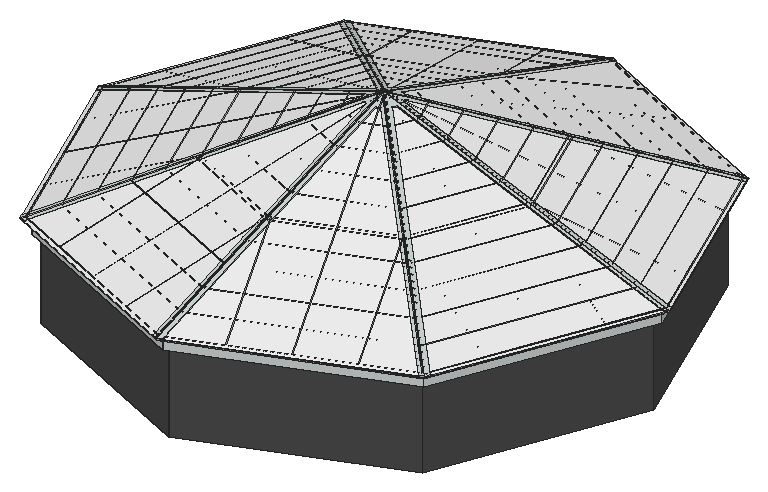
Revit family "Straight Rafter Circular Skylight", category Generic Models, host Roof, Revit 2018 (continued)
Definition of nested family "Straight Rafter Circular Comp Ring Array"
  Definition of nested family "Straight Rafter Circular Comp Ring"
    Dimensions and locks (in)
      "Miter Angle": angle curve 2 to plane 1 "Center (Front/Back)"
      "Miter Angle": angle plane 1 "Center (Front/Back)" to curve 1
      aligned and locked: plane 2 to level
      aligned and locked: Extrusion 1 sketch curve to curve 2
      aligned and locked: Extrusion 1 sketch curve to curve 1
      aligned and locked: Extrusion 1 sketch curve to plane 4
      aligned and locked: Extrusion 1 to plane 2
      aligned and locked: plane 6 to Extrusion 1
    Automatic sketch dimensions
      curve 2 to plane 3 "Center (Left/Right)" = 0' - 0"
      plane 1 "Center (Front/Back)" to curve 1 = 0' - 0"
Definition of nested family "Straight Rafter Circular Curb"
  Parameters (values of type "Straight Rafter Circular Curb")
    OCD [instance] = 20' - 10"
    Interior Curb Material [instance] = none
    Half Angle X [instance] = Angle X / 2  # 11.25°
    Exterior Curb Material [instance] = none
    Curb Width [instance] = 1' - 6"
    Curb Offset [instance] = (((OCD / 2) * cos(Half Angle X)))  # 10' - 2.59816"
    Curb Height [instance] = 2' - 0"
    Angle X [instance] = 22.50°
  Reference planes (in)
    plane 1 "Center (Front/Back)": y = 0
    plane 2: z = 0
    plane 3 "Center (Left/Right)": x = 0
    plane 4: y = -104.59816
    plane 5: y = -122.59816
    plane 6: z = 24
  Forms (in)
    Extrusion 1, solid
      sketch origin (0, 0, 0) x (1, 0, 0) y (0, 1, 0)
        loop
          line (-24.38629, -122.59816) -> (24.38629, -122.59816) -> (20.80587, -104.59816) -> (-20.80587, -104.59816) -> (-24.38629, -122.59816)
      from 0 to 24
  Lines and regions (in)
    reference lines
      curve 1: line (-58.5271, -294.23558, 0) -> (0, 0, 0)
      curve 2: line (67.89143, -341.31328, 0) -> (0, 0, 0)
  Dimensions and locks (in)
    "Curb Width": plane 4 to plane 5
    "Curb Height": plane 6 to plane 2
    "Curb Offset": plane 1 "Center (Front/Back)" to plane 5
    locked: curve 1 to plane 3 "Center (Left/Right)"
    locked: curve 1 to plane 1 "Center (Front/Back)" at 0
    "Half Angle X": angle curve 1 to plane 3 "Center (Left/Right)"
    "Half Angle X": angle plane 3 "Center (Left/Right)" to curve 2
    aligned and locked: plane 2 to level
    aligned and locked: plane 5 to Extrusion 1 sketch curve
    aligned and locked: Extrusion 1 sketch curve to curve 2
    aligned and locked: curve 1 to Extrusion 1 sketch curve
    aligned and locked: plane 2 to Extrusion 1
    aligned and locked: Extrusion 1 to plane 6
    aligned and locked: Extrusion 1 sketch curve to plane 4
Definition of nested family "Straight Rafter Circular Beam"
  Parameters (values of type "Straight Rafter Circular Beam")
    Hip Pitch [instance] = 15.00°
    Flat Rafter Length [instance] = 8' - 4"
    Cope Height [instance] = 0' - 6 1/2"
    Comp Ring Width [instance] = 2' - 6"
    CRF [instance] = none
    Beam Width [instance] = 0' - 5"
    Beam Height [instance] = 0' - 10"
  Reference planes (in)
    plane 1 "Center (Front/Back)": y = 0
    plane 2: z = 0
    plane 3 "Center (Left/Right)": x = 0
    plane 4: x = 2.5
    plane 5: x = -2.5
    plane 6: z = 6.5
    plane 7: y = -115
    plane 8: y = -15
    plane 9: y = 15
  Forms (in)
    Extrusion 1, solid, material <- "CRF"
      sketch origin (0, 0, 0) x (0, 1, 0) y (0, 0, 1)
        loop
          line (-15, 33.29492) -> (-115, 6.5) -> (-115, 0) -> (-100.6213, 0) -> (-15, 22.94216) -> (-15, 33.29492)
      from -2.5 to 2.5
  Lines and regions (in)
    reference lines
      curve 1: line (0, -115, 6.5) -> (0, 134.20886, 73.27531)
      curve 2: line (0, 96.44269, 52.80314) -> (0, -148.03858, -12.70542)
  Dimensions and locks (in)
    equal spacing: plane 5, plane 3 "Center (Left/Right)", plane 4
    "Beam Width": plane 5 to plane 4
    "Cope Height": plane 6 to plane 2
    "Beam Height": curve 2 to curve 1
    "Flat Rafter Length": plane 8 to plane 7
    equal spacing: plane 9, plane 1 "Center (Front/Back)", plane 8
    "Comp Ring Width": plane 9 to plane 8
    "Hip Pitch": angle curve 1 to plane 6
    aligned and locked: plane 2 to level
    aligned and locked: Extrusion 1 sketch curve to curve 1
    aligned and locked: Extrusion 1 sketch curve to curve 2
    aligned and locked: Extrusion 1 sketch curve to plane 2
    aligned and locked: plane 7 to Extrusion 1 sketch curve
    aligned and locked: Extrusion 1 to plane 5
    aligned and locked: Extrusion 1 to plane 4
    aligned and locked: Extrusion 1 sketch curve to plane 8
  Automatic sketch dimensions
    curve 1 to plane 6 = 0' - 0"
    curve 1 to plane 7 = 0' - 0"
    curve 2 to plane 7 = 2' - 9.03858"
    curve 2 to curve 1 = 3' - 1.76617"
Definition of nested family "Straight Rafter Circular Beam Array"
  Parameters (values of type "Straight Rafter Circular Beam Array")
    Number Of Sides [instance] = 3
    New Angle X [instance] = 0.00°
    Hip Pitch [instance] = 20.00°
    Flat Rafter Length [instance] = 10' - 0"
    Cope Height [instance] = 0' - 6"
    Comp Ring Width [instance] = 2' - 0"
    CRF [instance] = none
    Beam Width [instance] = 0' - 5"
    Beam Height [instance] = 0' - 10"
    Angle X [instance] = 0.00°
  Reference planes (in)
    plane 1 "Center (Front/Back)": y = 0
    plane 2: z = 0
    plane 3 "Center (Left/Right)": x = 0
  Dimensions and locks (in)
    "New Angle X": angle radial array to radial array
    aligned and locked: plane 2 to level
    aligned and locked: plane 1 "Center (Front/Back)" to nested 1
    aligned and locked: plane 3 "Center (Left/Right)" to nested 1
  Nested families (in)
    nested 1: "Straight Rafter Circular Beam" at (0, 0, 0), Hip Pitch <- "Hip Pitch", Flat Rafter Length <- "Flat Rafter Length", Cope Height <- "Cope Height", Beam Width <- "Beam Width", Beam Height <- "Beam Height", CRF <- "CRF", Comp Ring Width <- "Comp Ring Width", type "Straight Rafter Circular Beam"
      with Hip Pitch 20.00°, Flat Rafter Length 10' - 0", Cope Height 0' - 6", Comp Ring Width 2' - 0", CRF none, Beam Width 0' - 5", Beam Height 0' - 10"
    nested 2: "Straight Rafter Circular Beam" at (0, 0, 0) x (-0.5, -0.866, 0) z (0, 0, 1), Hip Pitch <- "Hip Pitch", Flat Rafter Length <- "Flat Rafter Length", Cope Height <- "Cope Height", Beam Width <- "Beam Width", Beam Height <- "Beam Height", CRF <- "CRF", Comp Ring Width <- "Comp Ring Width", type "Straight Rafter Circular Beam"
      with Hip Pitch 20.00°, Flat Rafter Length 10' - 0", Cope Height 0' - 6", Comp Ring Width 2' - 0", CRF none, Beam Width 0' - 5", Beam Height 0' - 10"
    nested 3: "Straight Rafter Circular Beam" at (0, 0, 0) x (-0.5, 0.866, 0) z (0, 0, 1), Hip Pitch <- "Hip Pitch", Flat Rafter Length <- "Flat Rafter Length", Cope Height <- "Cope Height", Beam Width <- "Beam Width", Beam Height <- "Beam Height", CRF <- "CRF", Comp Ring Width <- "Comp Ring Width", type "Straight Rafter Circular Beam"
      with Hip Pitch 20.00°, Flat Rafter Length 10' - 0", Cope Height 0' - 6", Comp Ring Width 2' - 0", CRF none, Beam Width 0' - 5", Beam Height 0' - 10"
  Definition of nested family "Straight Rafter Circular Beam"
    Parameters (values of type "Straight Rafter Circular Beam")
      Hip Pitch [instance] = 15.00°
      Flat Rafter Length [instance] = 8' - 4"
      Cope Height [instance] = 0' - 6 1/2"
      Comp Ring Width [instance] = 2' - 6"
      CRF [instance] = none
      Beam Width [instance] = 0' - 5"
      Beam Height [instance] = 0' - 10"
    Reference planes (in)
      plane 1 "Center (Front/Back)": y = 0
      plane 2: z = 0
      plane 3 "Center (Left/Right)": x = 0
      plane 4: x = 2.5
      plane 5: x = -2.5
      plane 6: z = 6.5
      plane 7: y = -115
      plane 8: y = -15
      plane 9: y = 15
    Forms (in)
      Extrusion 1, solid, material <- "CRF"
        sketch origin (0, 0, 0) x (0, 1, 0) y (0, 0, 1)
          loop
            line (-15, 33.29492) -> (-115, 6.5) -> (-115, 0) -> (-100.6213, 0) -> (-15, 22.94216) -> (-15, 33.29492)
        from -2.5 to 2.5
    Lines and regions (in)
      reference lines
        curve 1: line (0, -115, 6.5) -> (0, 134.20886, 73.27531)
        curve 2: line (0, 96.44269, 52.80314) -> (0, -148.03858, -12.70542)
    Dimensions and locks (in)
      equal spacing: plane 5, plane 3 "Center (Left/Right)", plane 4
      "Beam Width": plane 5 to plane 4
      "Cope Height": plane 6 to plane 2
      "Beam Height": curve 2 to curve 1
      "Flat Rafter Length": plane 8 to plane 7
      equal spacing: plane 9, plane 1 "Center (Front/Back)", plane 8
      "Comp Ring Width": plane 9 to plane 8
      "Hip Pitch": angle curve 1 to plane 6
      aligned and locked: plane 2 to level
      aligned and locked: Extrusion 1 sketch curve to curve 1
      aligned and locked: Extrusion 1 sketch curve to curve 2
      aligned and locked: Extrusion 1 sketch curve to plane 2
      aligned and locked: plane 7 to Extrusion 1 sketch curve
      aligned and locked: Extrusion 1 to plane 5
      aligned and locked: Extrusion 1 to plane 4
      aligned and locked: Extrusion 1 sketch curve to plane 8
    Automatic sketch dimensions
      curve 1 to plane 6 = 0' - 0"
      curve 1 to plane 7 = 0' - 0"
      curve 2 to plane 7 = 2' - 9.03858"
      curve 2 to curve 1 = 3' - 1.76617"
Definition of nested family "Straight Rafter Circular Curb Array"
  Parameters (values of type "Straight Rafter Circular Curb Array")
    OCD [instance] = 30' - 0"
    Number Of Sides [instance] = 10
    New Angle X [instance] = 0.00°
    Interior Curb Material [instance] = none
    Exterior Curb Material [instance] = none
    Curb Width [instance] = 1' - 4"
    Curb Height [instance] = 2' - 0"
    Angle X [instance] = 36.00°
  Reference planes (in)
    plane 1 "Center (Front/Back)": y = 0
    plane 2: z = 0
    plane 3 "Center (Left/Right)": x = 0
  Dimensions and locks (in)
    "New Angle X": angle radial array to radial array
    aligned and locked: plane 2 to level
    aligned and locked: plane 2 to nested 1
    aligned and locked: nested 1 to plane 3 "Center (Left/Right)"
    aligned and locked: plane 1 "Center (Front/Back)" to nested 1
  Nested families (in)
    nested 1: "Straight Rafter Circular Curb" at (0, 0, 0), Exterior Curb Material <- "Exterior Curb Material", Interior Curb Material <- "Interior Curb Material", Angle X <- "Angle X", Curb Height <- "Curb Height", Curb Width <- "Curb Width", OCD <- "OCD", type "Straight Rafter Circular Curb"
      with OCD 30' - 0", Interior Curb Material none, Half Angle X 18.00°, Exterior Curb Material none, Curb Width 1' - 4", Curb Offset 14' - 3.19017", Curb Height 2' - 0", Angle X 36.00°
    nested 2: "Straight Rafter Circular Curb" at (0, 0, 0) x (0.809, -0.5878, 0) z (0, 0, 1), Exterior Curb Material <- "Exterior Curb Material", Interior Curb Material <- "Interior Curb Material", Angle X <- "Angle X", Curb Height <- "Curb Height", Curb Width <- "Curb Width", OCD <- "OCD", type "Straight Rafter Circular Curb"
      with OCD 30' - 0", Interior Curb Material none, Half Angle X 18.00°, Exterior Curb Material none, Curb Width 1' - 4", Curb Offset 14' - 3.19017", Curb Height 2' - 0", Angle X 36.00°
    nested 3: "Straight Rafter Circular Curb" at (0, 0, 0) x (0.809, 0.5878, 0) z (0, 0, 1), Exterior Curb Material <- "Exterior Curb Material", Interior Curb Material <- "Interior Curb Material", Angle X <- "Angle X", Curb Height <- "Curb Height", Curb Width <- "Curb Width", OCD <- "OCD", type "Straight Rafter Circular Curb"
      with OCD 30' - 0", Interior Curb Material none, Half Angle X 18.00°, Exterior Curb Material none, Curb Width 1' - 4", Curb Offset 14' - 3.19017", Curb Height 2' - 0", Angle X 36.00°
    nested 4: "Straight Rafter Circular Curb" at (0, 0, 0) x (0.309, 0.9511, 0) z (0, 0, 1), Exterior Curb Material <- "Exterior Curb Material", Interior Curb Material <- "Interior Curb Material", Angle X <- "Angle X", Curb Height <- "Curb Height", Curb Width <- "Curb Width", OCD <- "OCD", type "Straight Rafter Circular Curb"
      with OCD 30' - 0", Interior Curb Material none, Half Angle X 18.00°, Exterior Curb Material none, Curb Width 1' - 4", Curb Offset 14' - 3.19017", Curb Height 2' - 0", Angle X 36.00°
    nested 5: "Straight Rafter Circular Curb" at (0, 0, 0) x (-0.309, 0.9511, 0) z (0, 0, 1), Exterior Curb Material <- "Exterior Curb Material", Interior Curb Material <- "Interior Curb Material", Angle X <- "Angle X", Curb Height <- "Curb Height", Curb Width <- "Curb Width", OCD <- "OCD", type "Straight Rafter Circular Curb"
      with OCD 30' - 0", Interior Curb Material none, Half Angle X 18.00°, Exterior Curb Material none, Curb Width 1' - 4", Curb Offset 14' - 3.19017", Curb Height 2' - 0", Angle X 36.00°
    nested 6: "Straight Rafter Circular Curb" at (0, 0, 0) x (-0.809, 0.5878, 0) z (0, 0, 1), Exterior Curb Material <- "Exterior Curb Material", Interior Curb Material <- "Interior Curb Material", Angle X <- "Angle X", Curb Height <- "Curb Height", Curb Width <- "Curb Width", OCD <- "OCD", type "Straight Rafter Circular Curb"
      with OCD 30' - 0", Interior Curb Material none, Half Angle X 18.00°, Exterior Curb Material none, Curb Width 1' - 4", Curb Offset 14' - 3.19017", Curb Height 2' - 0", Angle X 36.00°
    nested 7: "Straight Rafter Circular Curb" at (0, 0, 0) x (-1, 0, 0) z (0, 0, 1), Exterior Curb Material <- "Exterior Curb Material", Interior Curb Material <- "Interior Curb Material", Angle X <- "Angle X", Curb Height <- "Curb Height", Curb Width <- "Curb Width", OCD <- "OCD", type "Straight Rafter Circular Curb"
      with OCD 30' - 0", Interior Curb Material none, Half Angle X 18.00°, Exterior Curb Material none, Curb Width 1' - 4", Curb Offset 14' - 3.19017", Curb Height 2' - 0", Angle X 36.00°
    nested 8: "Straight Rafter Circular Curb" at (0, 0, 0) x (-0.809, -0.5878, 0) z (0, 0, 1), Exterior Curb Material <- "Exterior Curb Material", Interior Curb Material <- "Interior Curb Material", Angle X <- "Angle X", Curb Height <- "Curb Height", Curb Width <- "Curb Width", OCD <- "OCD", type "Straight Rafter Circular Curb"
      with OCD 30' - 0", Interior Curb Material none, Half Angle X 18.00°, Exterior Curb Material none, Curb Width 1' - 4", Curb Offset 14' - 3.19017", Curb Height 2' - 0", Angle X 36.00°
    nested 9: "Straight Rafter Circular Curb" at (0, 0, 0) x (-0.309, -0.9511, 0) z (0, 0, 1), Exterior Curb Material <- "Exterior Curb Material", Interior Curb Material <- "Interior Curb Material", Angle X <- "Angle X", Curb Height <- "Curb Height", Curb Width <- "Curb Width", OCD <- "OCD", type "Straight Rafter Circular Curb"
      with OCD 30' - 0", Interior Curb Material none, Half Angle X 18.00°, Exterior Curb Material none, Curb Width 1' - 4", Curb Offset 14' - 3.19017", Curb Height 2' - 0", Angle X 36.00°
    nested 10: "Straight Rafter Circular Curb" at (0, 0, 0) x (0.309, -0.9511, 0) z (0, 0, 1), Exterior Curb Material <- "Exterior Curb Material", Interior Curb Material <- "Interior Curb Material", Angle X <- "Angle X", Curb Height <- "Curb Height", Curb Width <- "Curb Width", OCD <- "OCD", type "Straight Rafter Circular Curb"
      with OCD 30' - 0", Interior Curb Material none, Half Angle X 18.00°, Exterior Curb Material none, Curb Width 1' - 4", Curb Offset 14' - 3.19017", Curb Height 2' - 0", Angle X 36.00°
  Definition of nested family "Straight Rafter Circular Curb"
    Parameters (values of type "Straight Rafter Circular Curb")
      OCD [instance] = 20' - 10"
      Interior Curb Material [instance] = none
      Half Angle X [instance] = Angle X / 2  # 11.25°
      Exterior Curb Material [instance] = none
      Curb Width [instance] = 1' - 6"
      Curb Offset [instance] = (((OCD / 2) * cos(Half Angle X)))  # 10' - 2.59816"
      Curb Height [instance] = 2' - 0"
      Angle X [instance] = 22.50°
    Reference planes (in)
      plane 1 "Center (Front/Back)": y = 0
      plane 2: z = 0
      plane 3 "Center (Left/Right)": x = 0
      plane 4: y = -104.59816
      plane 5: y = -122.59816
      plane 6: z = 24
    Forms (in)
      Extrusion 1, solid
        sketch origin (0, 0, 0) x (1, 0, 0) y (0, 1, 0)
          loop
            line (-24.38629, -122.59816) -> (24.38629, -122.59816) -> (20.80587, -104.59816) -> (-20.80587, -104.59816) -> (-24.38629, -122.59816)
        from 0 to 24
    Lines and regions (in)
      reference lines
        curve 1: line (-58.5271, -294.23558, 0) -> (0, 0, 0)
        curve 2: line (67.89143, -341.31328, 0) -> (0, 0, 0)
    Dimensions and locks (in)
      "Curb Width": plane 4 to plane 5
      "Curb Height": plane 6 to plane 2
      "Curb Offset": plane 1 "Center (Front/Back)" to plane 5
      locked: curve 1 to plane 3 "Center (Left/Right)"
      locked: curve 1 to plane 1 "Center (Front/Back)" at 0
      "Half Angle X": angle curve 1 to plane 3 "Center (Left/Right)"
      "Half Angle X": angle plane 3 "Center (Left/Right)" to curve 2
      aligned and locked: plane 2 to level
      aligned and locked: plane 5 to Extrusion 1 sketch curve
      aligned and locked: Extrusion 1 sketch curve to curve 2
      aligned and locked: curve 1 to Extrusion 1 sketch curve
      aligned and locked: plane 2 to Extrusion 1
      aligned and locked: Extrusion 1 to plane 6
      aligned and locked: Extrusion 1 sketch curve to plane 4
Definition of nested family "Straight Rafter Circular Panels Array"
  Parameters (values of type "Straight Rafter Circular Panels Array")
    Roof Pitch [instance] = 18.00°
    Panel Angle [instance] = 77.75°
    OCD [instance] = 35' - 0"
    Number Of Sides [instance] = 3
    New Angle X [instance] = 0.00°
    Cope Height [instance] = 0' - 8"
    CRF [instance] = none
    Angle X [instance] = 25.71°
  Reference planes (in)
    plane 1 "Center (Front/Back)": y = 0
    plane 2: z = 0
    plane 3 "Center (Left/Right)": x = 0
  Lines and regions (in)
    reference lines
      curve 1: line (0, 0, 0) -> (610.94026, -610.94026, 0)
  Dimensions and locks (in)
    locked: plane 1 "Center (Front/Back)" to curve 1 at 0
    locked: curve 1 to plane 3 "Center (Left/Right)" at 0
    "New Angle X": angle radial array to radial array
    aligned and locked: plane 2 to level
    aligned and locked: nested 1 to plane 3 "Center (Left/Right)"
    aligned and locked: plane 1 "Center (Front/Back)" to nested 1
    aligned and locked: plane 2 to nested 1
    aligned and locked: plane 2 to nested 5
  Automatic sketch dimensions
    plane 3 "Center (Left/Right)" to curve 1 = 50' - 10.94026"
    plane 1 "Center (Front/Back)" to curve 1 = 50' - 10.94026"
  Nested families (in)
    nested 1: "Straight Rafter Circular Panels Setup" at (0, 0, 0), Angle X <- "Angle X", Cope Height <- "Cope Height", Panel Angle <- "Panel Angle", OCD <- "OCD", Roof Pitch <- "Roof Pitch", CRF <- "CRF", type "Straight Rafter Circular Panels Setup"
      with Roof Pitch 18.00°, Panel Offset 0' - 5.25731", Panel Angle 77.75°, OCD 35' - 0", Horizontal PD 7' - 10.62804", Half Angle X 12.855°, Cope Height 0' - 8", CTR To Strut 16' - 11.76167", CRF none, Angle X 25.71°
    nested 2: "Straight Rafter Circular Panels" at (0, -208.76167, 6.3754) x (1, 0, 0) z (0, -0.309, 0.9511), type "Straight Rafter Circular Panels"
      with Vertical Grid Spacing 1' - 0", Panel Skin Thickness 0' - 0.063", Panel Angle 77.75°, Overlap Width 0' - 1 3/4", Overlap Offset 0' - 0 7/8", IBeam Width 0' - 0 1/2", IBeam Thickness 0' - 2 5/8", Horizontal PD 7' - 10.62804", Horizontal Grid Spacing 2' - 0", Half IBeam Width 0' - 0 1/4", Half Horizontal PD 3' - 11.31402", CRF none, Bay Spacing 8' - 0", Batten Width 0' - 2", Batten Thickness 0' - 0 1/8"
    nested 3: "Straight Rafter Circular Panels Setup" at (0, 0, 0) x (-0.5, 0.866, 0) z (0, 0, 1), Angle X <- "Angle X", Cope Height <- "Cope Height", Panel Angle <- "Panel Angle", OCD <- "OCD", Roof Pitch <- "Roof Pitch", CRF <- "CRF", type "Straight Rafter Circular Panels Setup"
      with Roof Pitch 18.00°, Panel Offset 0' - 5.25731", Panel Angle 77.75°, OCD 35' - 0", Horizontal PD 7' - 10.62804", Half Angle X 12.855°, Cope Height 0' - 8", CTR To Strut 16' - 11.76167", CRF none, Angle X 25.71°
    nested 4: "Straight Rafter Circular Panels" at (180.79291, 104.38084, 6.3754) x (-0.5, 0.866, 0) z (0.2676, 0.1545, 0.9511), type "Straight Rafter Circular Panels"
      with Vertical Grid Spacing 1' - 0", Panel Skin Thickness 0' - 0.063", Panel Angle 77.75°, Overlap Width 0' - 1 3/4", Overlap Offset 0' - 0 7/8", IBeam Width 0' - 0 1/2", IBeam Thickness 0' - 2 5/8", Horizontal PD 7' - 10.62804", Horizontal Grid Spacing 2' - 0", Half IBeam Width 0' - 0 1/4", Half Horizontal PD 3' - 11.31402", CRF none, Bay Spacing 8' - 0", Batten Width 0' - 2", Batten Thickness 0' - 0 1/8"
    nested 5: "Straight Rafter Circular Panels Setup" at (0, 0, 0) x (-0.5, -0.866, 0) z (0, 0, 1), Angle X <- "Angle X", Cope Height <- "Cope Height", Panel Angle <- "Panel Angle", OCD <- "OCD", Roof Pitch <- "Roof Pitch", CRF <- "CRF", type "Straight Rafter Circular Panels Setup"
      with Roof Pitch 18.00°, Panel Offset 0' - 5.25731", Panel Angle 77.75°, OCD 35' - 0", Horizontal PD 7' - 10.62804", Half Angle X 12.855°, Cope Height 0' - 8", CTR To Strut 16' - 11.76167", CRF none, Angle X 25.71°
    nested 6: "Straight Rafter Circular Panels" at (-180.79291, 104.38084, 6.3754) x (-0.5, -0.866, 0) z (-0.2676, 0.1545, 0.9511), type "Straight Rafter Circular Panels"
      with Vertical Grid Spacing 1' - 0", Panel Skin Thickness 0' - 0.063", Panel Angle 77.75°, Overlap Width 0' - 1 3/4", Overlap Offset 0' - 0 7/8", IBeam Width 0' - 0 1/2", IBeam Thickness 0' - 2 5/8", Horizontal PD 7' - 10.62804", Horizontal Grid Spacing 2' - 0", Half IBeam Width 0' - 0 1/4", Half Horizontal PD 3' - 11.31402", CRF none, Bay Spacing 8' - 0", Batten Width 0' - 2", Batten Thickness 0' - 0 1/8"
  Definition of nested family "Straight Rafter Circular Panels"
    Parameters (values of type "Straight Rafter Circular Panels")
      Vertical Grid Spacing [instance] = 1' - 0"  # constant formula
      Panel Skin Thickness [instance] = 0' - 0.063"  # constant formula
      Panel Angle [instance] = 72.00°
      Overlap Width [instance] = 0' - 1 3/4"  # constant formula
      Overlap Offset [instance] = Overlap Width / 2  # 0' - 0 7/8"
      IBeam Width [instance] = 0' - 0 1/2"  # constant formula
      IBeam Thickness [instance] = 0' - 2 5/8"  # constant formula
      Horizontal PD [instance] = 10' - 0"
      Horizontal Grid Spacing [instance] = Bay Spacing / 4  # 2' - 0"
      Half IBeam Width [instance] = IBeam Width / 2  # 0' - 0 1/4"
      Half Horizontal PD [instance] = Horizontal PD / 2  # 5' - 0"
      Default Elevation = 4' - 0"
      CRF [instance] = none
      Bay Spacing [instance] = 8' - 0"
      Batten Width [instance] = 0' - 2"  # constant formula
      Batten Thickness [instance] = 0' - 0 1/8"  # constant formula
    Reference planes (in)
      plane 1 "Center (Front/Back)": y = 0
      plane 2: z = 0
      plane 3 "Center (Left/Right)": x = 0
      plane 4 "Left Panel": x = -60
      plane 5 "Right Panel": x = 60
      plane 6: z = 0.063
      plane 7: z = 2.688
      plane 8: z = 2.751
      plane 9: y = -1.75
      plane 10 "Left Outside": x = -200
      plane 11 "Right Outside": x = 200
      plane 12: y = 0.25
      plane 13 "Max Top PD": y = 1080
      plane 14 "Max Left PD": x = -176
      plane 15 "Max Right PD": x = 176
      plane 16 "Top Outside": y = 1104
      plane 17: x = -24
      plane 18: x = -48
      plane 19: x = -72
      plane 20: x = -96
      plane 21: x = -120
      plane 22: x = -144
      plane 23: x = 24
      plane 24: x = 48
      plane 25: x = 72
      plane 26: x = 96
      plane 27: x = 120
      plane 28: x = 144
      plane 29: y = 12.25
      plane 30: y = 24.25
      plane 31: y = 36.25
      plane 32: y = 48.25
      plane 33: y = 60.25
      plane 34: y = 72.25
      plane 35: y = 84.25
      plane 36: y = 96.25
      plane 37: y = 108.25
      plane 38: z = 2.876
      plane 39: z = -0.125
      plane 40 "Bot Max": y = -36
      plane 41 "Bot Outside": y = -48
      plane 42: y = 120.25
      plane 43: y = 132.25
      plane 44: y = 144.25
      plane 45: y = 156.25
      plane 46: y = 168.25
      plane 47: y = 180.25
      plane 48: y = 192.25
      plane 49: y = 204.25
      plane 50: y = 216.25
      plane 51: y = 228.25
      plane 52: y = 240.25
      plane 53: y = 252.25
      plane 54: y = 264.25
      plane 55: y = 276.25
      plane 56: y = 288.25
      plane 57: y = 300.25
      plane 58: y = 312.25
      plane 59: y = 324.25
      plane 60: y = 336.25
      plane 61: y = 348.25
      plane 62: y = 360.25
      plane 63: y = 372.25
      plane 64: y = 384.25
      plane 65: y = 396.25
      plane 66: y = 408.25
      plane 67: y = 420.25
      plane 68: y = 432.25
      plane 69: y = 444.25
      plane 70: y = 456.25
      plane 71: y = 468.25
      plane 72: y = 480.25
      plane 73: y = 492.25
      plane 74: y = 504.25
      plane 75: y = 516.25
      plane 76: y = 528.25
      plane 77: y = 540.25
      plane 78: y = 552.25
      plane 79: y = 564.25
      plane 80: y = 576.25
      plane 81: y = 588.25
      plane 82: y = 600.25
      plane 83: y = 612.25
      plane 84: y = 624.25
      plane 85: y = 636.25
      plane 86: y = 648.25
      plane 87: y = 660.25
    Forms (in)
      Extrusion 1, solid
        sketch origin (0, 0, 0) x (1, 0, 0) y (0, 1, 0)
          loop
            line (176, 0) -> (176, 1080) -> (-176, 1080) -> (-176, 0) -> (176, 0)
        from 0.063 to 0
      Extrusion 2, solid
        sketch origin (0, 0, 0) x (1, 0, 0) y (0, 1, 0)
          loop
            line (176, -1.75) -> (176, 1080) -> (-176, 1080) -> (-176, -1.75) -> (176, -1.75)
        from 2.688 to 2.751
      Sweep 3, solid
        path origin (0, 0, 0) x (1, 0, 0) y (0, 1, 0)
          loop
            line (-176, 1080) -> (-176, 0.25) -> (-144, 0.25) -> (-144, 1080) -> (-120, 1080) -> (-120, 0.25) -> (-96, 0.25) -> (-96, 1080) -> (-72, 1080) -> (-72, 0.25) -> (-48, 0.25) -> (-48, 1080) -> (-24, 1080) -> (-24, 0.25) -> (0, 0.25) -> (0, 1080) -> (24, 1080) -> (24, 0.25) -> (48, 0.25) -> (48, 1080) -> (72, 1080) -> (72, 0.25) -> (96, 0.25) -> (96, 1080) -> (120, 1080) -> (120, 0.25) -> (144, 0.25) -> (144, 1080) -> (176, 1080) -> (176, 0.25)
        profile origin (-176, 540.125, 0) x (1, 0, 0) y (0, 0, 1)
          loop
            line (0.25, 0.063) -> (0.25, 2.688) -> (-0.25, 2.688) -> (-0.25, 0.063) -> (0.25, 0.063)
      Sweep 4, solid
        path origin (0, 0, 0) x (1, 0, 0) y (0, 1, 0)
          loop
            line (-176, 1080) -> (176, 1080) -> (176, 660.25) -> (-176, 660.25) -> (-176, 648.25) -> (176, 648.25) -> (176, 636.25) -> (-176, 636.25) -> (-176, 624.25) -> (176, 624.25) -> (176, 612.25) -> (-176, 612.25) -> (-176, 600.25) -> (176, 600.25) -> (176, 588.25) -> (-176, 588.25) -> (-176, 576.25) -> (176, 576.25) -> (176, 564.25) -> (-176, 564.25) -> (-176, 552.25) -> (176, 552.25) -> (176, 540.25) -> (-176, 540.25) -> (-176, 528.25) -> (176, 528.25) -> (176, 516.25) -> (-176, 516.25) -> (-176, 504.25) -> (176, 504.25) -> (176, 492.25) -> (-176, 492.25) -> (-176, 480.25) -> (176, 480.25) -> (176, 468.25) -> (-176, 468.25) -> (-176, 456.25) -> (176, 456.25) -> (176, 444.25) -> (-176, 444.25) -> (-176, 432.25) -> (176, 432.25) -> (176, 420.25) -> (-176, 420.25) -> (-176, 408.25) -> (176, 408.25) -> (176, 396.25) -> (-176, 396.25) -> (-176, 384.25) -> (176, 384.25) -> (176, 372.25) -> (-176, 372.25) -> (-176, 360.25) -> (176, 360.25) -> (176, 348.25) -> (-176, 348.25) -> (-176, 336.25) -> (176, 336.25) -> (176, 324.25) -> (-176, 324.25) -> (-176, 312.25) -> (176, 312.25) -> (176, 300.25) -> (-176, 300.25) -> (-176, 288.25) -> (176, 288.25) -> (176, 276.25) -> (-176, 276.25) -> (-176, 264.25) -> (176, 264.25) -> (176, 252.25) -> (-176, 252.25) -> (-176, 240.25) -> (176, 240.25) -> (176, 228.25) -> (-176, 228.25) -> (-176, 216.25) -> (176, 216.25) -> (176, 204.25) -> (-176, 204.25) -> (-176, 192.25) -> (176, 192.25) -> (176, 180.25) -> (-176, 180.25) -> (-176, 168.25) -> (176, 168.25) -> (176, 156.25) -> (-176, 156.25) -> (-176, 144.25) -> (176, 144.25) -> (176, 132.25) -> (-176, 132.25) -> (-176, 120.25) -> (176, 120.25) -> (176, 108.25) -> (-176, 108.25) -> (-176, 96.25) -> (176, 96.25) -> (176, 84.25) -> (-176, 84.25) -> (-176, 72.25) -> (176, 72.25) -> (176, 60.25) -> (-176, 60.25) -> (-176, 48.25) -> (176, 48.25) -> (176, 36.25) -> (-176, 36.25) -> (-176, 24.25) -> (176, 24.25) -> (176, 12.25) -> (-176, 12.25) -> (-176, 0.25) -> (176, 0.25)
        profile origin (0, 0.25, 0) x (0, 1, 0) y (0, 0, 1)
          loop
            line (-0.25, 2.688) -> (-0.25, 0.063) -> (0.25, 0.063) -> (0.25, 2.688) -> (-0.25, 2.688)
      Extrusion 5, void
        sketch origin (0, 0, 0) x (1, 0, 0) y (0, 1, 0)
          loop
            line (-60.56861, -1.75) -> (0, 184.66101) -> (60.56861, -1.75) -> (200, -1.75) -> (200, 1104) -> (-200, 1104) -> (-200, -1.75) -> (-60.56861, -1.75)
        from -0.125 to 2.876
      Sweep 6, solid, material <- "CRF"
        path origin (0, 0, 0) x (1, 0, 0) y (0, 1, 0)
          loop
            line (-176, 1079.125) -> (176, 1079.125) -> (176, 659.375) -> (-176, 659.375) -> (-176, 599.375) -> (176, 599.375) -> (176, 539.375) -> (-176, 539.375) -> (-176, 479.375) -> (176, 479.375) -> (176, 419.375) -> (-176, 419.375) -> (-176, 359.375) -> (176, 359.375) -> (176, 299.375) -> (-176, 299.375) -> (-176, 239.375) -> (176, 239.375) -> (176, 179.375) -> (-176, 179.375) -> (-176, 119.375) -> (176, 119.375) -> (176, 59.375) -> (-176, 59.375)
        profile origin (0, 59.375, 0) x (0, -1, 0) y (0, 0, 1)
          loop
            line (-0.875, 2.688) -> (-0.875, -0.125) -> (0.875, -0.125) -> (0.875, 2.688) -> (-0.875, 2.688)
    Cuts and joins
      Extrusion 5 cuts Sweep 4
      Extrusion 5 cuts Sweep 3
      Extrusion 5 cuts Extrusion 2
      Extrusion 5 cuts Extrusion 1
      Extrusion 5 cuts Sweep 6
    Lines and regions (in)
      reference lines
        curve 1: line (-60, 0, 0) -> (38.2674, 302.43597, 0)
        curve 2: line (60, 0, 0) -> (-80.91175, 433.68177, 0)
    Dimensions and locks (in)
      locked: plane 1 "Center (Front/Back)" to curve 1
      locked: plane 4 "Left Panel" to curve 1
      locked: plane 5 "Right Panel" to curve 2
      locked: plane 1 "Center (Front/Back)" to curve 2 at 0
      "Panel Skin Thickness": plane 6 to plane 2
      "IBeam Thickness": plane 7 to plane 6
      "Panel Skin Thickness": plane 8 to plane 7
      "Half Horizontal PD": plane 4 "Left Panel" to plane 3 "Center (Left/Right)"
      "Half Horizontal PD": plane 3 "Center (Left/Right)" to plane 5 "Right Panel"
      "Overlap Width": plane 1 "Center (Front/Back)" to plane 9
      locked: plane 10 "Left Outside" to plane 3 "Center (Left/Right)" at 200
      locked: plane 3 "Center (Left/Right)" to plane 11 "Right Outside" at 200
      "Half IBeam Width": plane 1 "Center (Front/Back)" to plane 12
      locked: plane 1 "Center (Front/Back)" to plane 13 "Max Top PD" at 1080
      equal spacing: Sweep 3 sketch curve, profile plane, Sweep 3 sketch curve
      "IBeam Width": Sweep 3 sketch curve to Sweep 3 sketch curve
      "IBeam Width": Sweep 4 sketch curve to Sweep 4 sketch curve
      equal spacing: Sweep 4 sketch curve, plane 12, Sweep 4 sketch curve
      "Batten Thickness": plane 38 to plane 8
      "Batten Thickness": plane 2 to plane 39
      locked: plane 40 "Bot Max" to plane 1 "Center (Front/Back)" at 36
      locked: plane 41 "Bot Outside" to plane 1 "Center (Front/Back)" at 48
      "Horizontal Grid Spacing": plane 22 to plane 21 to plane 20 to plane 19 to plane 18 to plane 17 to plane 3 "Center (Left/Right)" to plane 23 to plane 24 to plane 25 to plane 26 to plane 27 to plane 28
      "Vertical Grid Spacing": plane 76 to plane 75 to plane 74 to plane 73 to plane 72 to plane 71 to plane 70 to plane 69 to plane 68 to plane 67 to plane 66 to plane 65 to plane 64 to plane 63 to plane 62 to plane 61 to plane 60 to plane 59 to plane 58 to plane 57 to plane 56 to plane 55 to plane 54 to plane 53 to plane 52 to plane 51 to plane 50 to plane 49 to plane 48 to plane 47 to plane 46 to plane 45 to plane 44 to plane 43 to plane 42 to plane 37 to plane 36 to plane 35 to plane 34 to plane 33 to plane 32 to plane 31 to plane 30 to plane 29 to plane 12
      "Overlap Offset": Sweep 6 sketch curve to plane 33
      "Overlap Offset": plane 42 to Sweep 6 sketch curve
      "Overlap Offset": plane 47 to Sweep 6 sketch curve
      "Overlap Offset": plane 52 to Sweep 6 sketch curve
      "Overlap Offset": plane 57 to Sweep 6 sketch curve
      "Overlap Offset": Sweep 6 sketch curve to plane 62
      "Overlap Offset": plane 67 to Sweep 6 sketch curve
      "Overlap Offset": Sweep 6 sketch curve to plane 72
      "Overlap Offset": plane 13 "Max Top PD" to Sweep 6 sketch curve
      equal spacing: Sweep 6 sketch curve, profile plane, Sweep 6 sketch curve
      "Overlap Width": Sweep 6 sketch curve to Sweep 6 sketch curve
      locked: plane 10 "Left Outside" to plane 14 "Max Left PD" at 24
      locked: plane 15 "Max Right PD" to plane 11 "Right Outside" at 24
      locked: plane 16 "Top Outside" to plane 13 "Max Top PD" at 24
      "Vertical Grid Spacing": plane 76 to plane 77 to plane 78 to plane 79 to plane 80 to plane 81 to plane 82 to plane 83 to plane 84 to plane 85 to plane 86 to plane 87
      "Overlap Offset": Sweep 6 sketch curve to plane 77
      "Overlap Offset": plane 82 to Sweep 6 sketch curve
      "Overlap Offset": Sweep 6 sketch curve to plane 87
      "Panel Angle": angle plane 1 "Center (Front/Back)" to curve 1
      "Panel Angle": angle curve 2 to plane 1 "Center (Front/Back)"
      aligned and locked: level to plane 2
      aligned and locked: Extrusion 1 sketch curve to plane 1 "Center (Front/Back)"
      aligned and locked: plane 2 to Extrusion 1
      aligned and locked: plane 6 to Extrusion 1
      aligned and locked: plane 9 to Extrusion 2 sketch curve
      aligned and locked: Extrusion 2 to plane 7
      aligned and locked: plane 8 to Extrusion 2
      aligned and locked: Sweep 3 sketch curve to plane 14 "Max Left PD"
      aligned and locked: Sweep 3 sketch curve to plane 22
      aligned and locked: Sweep 3 sketch curve to plane 21
      aligned and locked: Sweep 3 sketch curve to plane 20
      aligned and locked: Sweep 3 sketch curve to plane 19
      aligned and locked: Sweep 3 sketch curve to plane 18
      aligned and locked: Sweep 3 sketch curve to plane 17
      aligned and locked: Sweep 3 sketch curve to plane 3 "Center (Left/Right)"
      aligned and locked: Sweep 3 sketch curve to plane 23
      aligned and locked: Sweep 3 sketch curve to plane 24
      aligned and locked: Sweep 3 sketch curve to plane 25
      aligned and locked: Sweep 3 sketch curve to plane 26
      aligned and locked: Sweep 3 sketch curve to plane 27
      aligned and locked: Sweep 3 sketch curve to plane 28
      aligned and locked: Sweep 3 sketch curve to plane 12  (x6)
      aligned and locked: Sweep 3 sketch curve to plane 13 "Max Top PD"  (x7)
      aligned and locked: plane 12 to Sweep 3 sketch curve  (x3)
      aligned and locked: Sweep 3 sketch curve to plane 7
      aligned and locked: plane 6 to Sweep 3 sketch curve
      aligned and locked: Extrusion 2 sketch curve to plane 15 "Max Right PD"
      aligned and locked: plane 14 "Max Left PD" to Extrusion 2 sketch curve
      aligned and locked: Extrusion 2 sketch curve to plane 13 "Max Top PD"
      aligned and locked: plane 13 "Max Top PD" to Extrusion 1 sketch curve
      aligned and locked: Extrusion 1 sketch curve to plane 14 "Max Left PD"
      aligned and locked: Extrusion 1 sketch curve to plane 15 "Max Right PD"
      aligned and locked: Sweep 4 sketch curve to plane 12
      aligned and locked: Sweep 4 sketch curve to plane 29
      aligned and locked: Sweep 4 sketch curve to plane 30
      aligned and locked: Sweep 4 sketch curve to plane 31
      aligned and locked: Sweep 4 sketch curve to plane 32
      aligned and locked: Sweep 4 sketch curve to plane 33
      aligned and locked: Sweep 4 sketch curve to plane 34
      aligned and locked: Sweep 4 sketch curve to plane 35
      aligned and locked: Sweep 4 sketch curve to plane 36
      aligned and locked: Sweep 4 sketch curve to plane 37
      aligned and locked: Sweep 4 sketch curve to plane 13 "Max Top PD"
      aligned and locked: plane 15 "Max Right PD" to Sweep 4 sketch curve
      aligned and locked: plane 14 "Max Left PD" to Sweep 4 sketch curve  (x29)
      aligned and locked: Sweep 4 sketch curve to plane 15 "Max Right PD"  (x29)
      aligned and locked: plane 6 to Sweep 4 sketch curve
      aligned and locked: Sweep 4 sketch curve to plane 7
      aligned and locked: Extrusion 5 sketch curve to plane 16 "Top Outside"
      aligned and locked: plane 9 to Extrusion 5 sketch curve  (x2)
      aligned and locked: Extrusion 5 sketch curve to curve 1
      aligned and locked: Extrusion 5 sketch curve to curve 2
      aligned and locked: Extrusion 5 sketch curve to plane 11 "Right Outside"
      aligned and locked: plane 10 "Left Outside" to Extrusion 5 sketch curve
      aligned and locked: plane 39 to Extrusion 5
      aligned and locked: plane 38 to Extrusion 5
      aligned and locked: Sweep 3 sketch curve to plane 15 "Max Right PD"
      aligned and locked: plane 13 "Max Top PD" to Sweep 3 sketch curve  (x2)
      aligned and locked: Sweep 4 sketch curve to plane 42
      aligned and locked: Sweep 4 sketch curve to plane 43
      aligned and locked: Sweep 4 sketch curve to plane 44
      aligned and locked: Sweep 4 sketch curve to plane 45
      aligned and locked: Sweep 4 sketch curve to plane 46
      aligned and locked: Sweep 4 sketch curve to plane 47
      aligned and locked: Sweep 4 sketch curve to plane 48
      aligned and locked: Sweep 4 sketch curve to plane 49
      aligned and locked: Sweep 4 sketch curve to plane 50
      aligned and locked: Sweep 4 sketch curve to plane 51
      aligned and locked: Sweep 4 sketch curve to plane 52
      aligned and locked: Sweep 4 sketch curve to plane 53
      aligned and locked: Sweep 4 sketch curve to plane 54
      aligned and locked: Sweep 4 sketch curve to plane 55
      aligned and locked: Sweep 4 sketch curve to plane 56
      aligned and locked: Sweep 4 sketch curve to plane 57
      aligned and locked: Sweep 4 sketch curve to plane 58
      aligned and locked: Sweep 4 sketch curve to plane 59
      aligned and locked: Sweep 4 sketch curve to plane 60
      aligned and locked: Sweep 4 sketch curve to plane 61
      aligned and locked: Sweep 4 sketch curve to plane 62
      aligned and locked: Sweep 4 sketch curve to plane 63
      aligned and locked: Sweep 4 sketch curve to plane 64
      aligned and locked: Sweep 4 sketch curve to plane 65
      aligned and locked: Sweep 4 sketch curve to plane 66
      aligned and locked: Sweep 4 sketch curve to plane 67
      aligned and locked: Sweep 4 sketch curve to plane 68
      aligned and locked: Sweep 4 sketch curve to plane 69
      aligned and locked: Sweep 4 sketch curve to plane 70
      aligned and locked: Sweep 4 sketch curve to plane 71
      aligned and locked: Sweep 4 sketch curve to plane 72
      aligned and locked: Sweep 4 sketch curve to plane 73
      aligned and locked: Sweep 4 sketch curve to plane 74
      aligned and locked: Sweep 4 sketch curve to plane 75
      aligned and locked: Sweep 4 sketch curve to plane 76
      aligned and locked: plane 14 "Max Left PD" to Sweep 6 sketch curve  (x7)
      aligned and locked: Sweep 6 sketch curve to plane 15 "Max Right PD"  (x7)
      aligned and locked: Sweep 6 sketch curve to plane 7
      aligned and locked: Sweep 6 sketch curve to plane 39
      aligned and locked: Sweep 4 sketch curve to plane 77
      aligned and locked: Sweep 4 sketch curve to plane 78
      aligned and locked: Sweep 4 sketch curve to plane 79
      aligned and locked: Sweep 4 sketch curve to plane 80
      aligned and locked: Sweep 4 sketch curve to plane 81
      aligned and locked: Sweep 4 sketch curve to plane 82
      aligned and locked: Sweep 4 sketch curve to plane 83
      aligned and locked: Sweep 4 sketch curve to plane 84
      aligned and locked: Sweep 4 sketch curve to plane 85
      aligned and locked: Sweep 4 sketch curve to plane 86
      aligned and locked: Sweep 4 sketch curve to plane 87
Definition of nested family "Straight Rafter Circular Panels Setup"
  Parameters (values of type "Straight Rafter Circular Panels Setup")
    Roof Pitch [instance] = 20.00°
    Panel Offset [instance] = 0' 5" / cos(Roof Pitch)  # 0' - 5.32089"
    Panel Angle [instance] = 74.00°
    OCD [instance] = 20' - 10"
    Horizontal PD [instance] = 0' 2" * tan(Half Angle X) * (4 + (OCD / 0' 2") * cos(Half Angle X)) - 0' 2" * 0.3125 / cos(Half Angle X)  # 4' - 5.03941"
    Half Angle X [instance] = Angle X / 2  # 12.00°
    Cope Height [instance] = 0' - 5"
    CTR To Strut [instance] = (OCD / 2 - 0' 1") * cos(Half Angle X)  # 10' - 1.2903"
    CRF [instance] = none
    Angle X [instance] = 24.00°
  Reference planes (in)
    plane 1 "Center (Front/Back)": y = 0
    plane 2: z = 0
    plane 3 "Center (Left/Right)": x = 0
    plane 4 "Roof Plane": through (0, 65.15944, 138.04435) normal (0, -0.342, 0.9397)
    plane 5: y = -121.2903
    plane 6: z = 5
  Lines and regions (in)
    reference lines
      curve 1: line (0, 0, 0) -> (0, -121.2903, 0)
      curve 2: line (0, -121.2903, 5) -> (0, -181.43063, -16.88929)
      curve 3: line (0, -121.2903, 5) -> (0, -142.49555, 63.26094)
      curve 4: line (0, -114.42289, -29.4253) -> (0, -151.01905, 71.12182)
  Dimensions and locks (in)
    "CTR To Strut": plane 5 to plane 1 "Center (Front/Back)"
    "Cope Height": plane 6 to plane 2
    locked: plane 6 to curve 2 at 0
    locked: plane 5 to curve 2
    "Panel Offset": curve 4 to curve 3
    "Roof Pitch": angle plane 4 "Roof Plane" to plane 2
    "Roof Pitch": angle curve 2 to plane 6
    "Roof Pitch": angle curve 3 to plane 5
    "Roof Pitch": angle curve 4 to plane 5
    aligned and locked: plane 2 to level
    aligned and locked: plane 1 "Center (Front/Back)" to curve 1
    aligned and locked: curve 1 to plane 3 "Center (Left/Right)"
    aligned and locked: plane 5 to curve 1
    aligned and locked: curve 4 to nested 1
    aligned and locked: nested 1 to curve 2
    aligned and locked: nested 1 to plane 3 "Center (Left/Right)"
  Automatic sketch dimensions
    curve 3 to curve 4 = 0' - 7.86087"
  Nested families (in)
    nested 1: "Straight Rafter Circular Panels" at (0, -126.2903, 3.18015) x (1, 0, 0) z (0, -0.342, 0.9397), CRF <- "CRF", Horizontal PD <- "Horizontal PD", Panel Angle <- "Panel Angle", type "Straight Rafter Circular Panels"
      with Vertical Grid Spacing 1' - 0", Panel Skin Thickness 0' - 0.063", Panel Angle 74.00°, Overlap Width 0' - 1 3/4", Overlap Offset 0' - 0 7/8", IBeam Width 0' - 0 1/2", IBeam Thickness 0' - 2 5/8", Horizontal PD 4' - 5.03941", Horizontal Grid Spacing 2' - 0", Half IBeam Width 0' - 0 1/4", Half Horizontal PD 2' - 2.51971", CRF none, Bay Spacing 8' - 0", Batten Width 0' - 2", Batten Thickness 0' - 0 1/8"
  Definition of nested family "Straight Rafter Circular Panels"
    Parameters (values of type "Straight Rafter Circular Panels")
      Vertical Grid Spacing [instance] = 1' - 0"  # constant formula
      Panel Skin Thickness [instance] = 0' - 0.063"  # constant formula
      Panel Angle [instance] = 72.00°
      Overlap Width [instance] = 0' - 1 3/4"  # constant formula
      Overlap Offset [instance] = Overlap Width / 2  # 0' - 0 7/8"
      IBeam Width [instance] = 0' - 0 1/2"  # constant formula
      IBeam Thickness [instance] = 0' - 2 5/8"  # constant formula
      Horizontal PD [instance] = 10' - 0"
      Horizontal Grid Spacing [instance] = Bay Spacing / 4  # 2' - 0"
      Half IBeam Width [instance] = IBeam Width / 2  # 0' - 0 1/4"
      Half Horizontal PD [instance] = Horizontal PD / 2  # 5' - 0"
      Default Elevation = 4' - 0"
      CRF [instance] = none
      Bay Spacing [instance] = 8' - 0"
      Batten Width [instance] = 0' - 2"  # constant formula
      Batten Thickness [instance] = 0' - 0 1/8"  # constant formula
    Reference planes (in)
      plane 1 "Center (Front/Back)": y = 0
      plane 2: z = 0
      plane 3 "Center (Left/Right)": x = 0
      plane 4 "Left Panel": x = -60
      plane 5 "Right Panel": x = 60
      plane 6: z = 0.063
      plane 7: z = 2.688
      plane 8: z = 2.751
      plane 9: y = -1.75
      plane 10 "Left Outside": x = -200
      plane 11 "Right Outside": x = 200
      plane 12: y = 0.25
      plane 13 "Max Top PD": y = 1080
      plane 14 "Max Left PD": x = -176
      plane 15 "Max Right PD": x = 176
      plane 16 "Top Outside": y = 1104
      plane 17: x = -24
      plane 18: x = -48
      plane 19: x = -72
      plane 20: x = -96
      plane 21: x = -120
      plane 22: x = -144
      plane 23: x = 24
      plane 24: x = 48
      plane 25: x = 72
      plane 26: x = 96
      plane 27: x = 120
      plane 28: x = 144
      plane 29: y = 12.25
      plane 30: y = 24.25
      plane 31: y = 36.25
      plane 32: y = 48.25
      plane 33: y = 60.25
      plane 34: y = 72.25
      plane 35: y = 84.25
      plane 36: y = 96.25
      plane 37: y = 108.25
      plane 38: z = 2.876
      plane 39: z = -0.125
      plane 40 "Bot Max": y = -36
      plane 41 "Bot Outside": y = -48
      plane 42: y = 120.25
      plane 43: y = 132.25
      plane 44: y = 144.25
      plane 45: y = 156.25
      plane 46: y = 168.25
      plane 47: y = 180.25
      plane 48: y = 192.25
      plane 49: y = 204.25
      plane 50: y = 216.25
      plane 51: y = 228.25
      plane 52: y = 240.25
      plane 53: y = 252.25
      plane 54: y = 264.25
      plane 55: y = 276.25
      plane 56: y = 288.25
      plane 57: y = 300.25
      plane 58: y = 312.25
      plane 59: y = 324.25
      plane 60: y = 336.25
      plane 61: y = 348.25
      plane 62: y = 360.25
      plane 63: y = 372.25
      plane 64: y = 384.25
      plane 65: y = 396.25
      plane 66: y = 408.25
      plane 67: y = 420.25
      plane 68: y = 432.25
      plane 69: y = 444.25
      plane 70: y = 456.25
      plane 71: y = 468.25
      plane 72: y = 480.25
      plane 73: y = 492.25
      plane 74: y = 504.25
      plane 75: y = 516.25
      plane 76: y = 528.25
      plane 77: y = 540.25
      plane 78: y = 552.25
      plane 79: y = 564.25
      plane 80: y = 576.25
      plane 81: y = 588.25
      plane 82: y = 600.25
      plane 83: y = 612.25
      plane 84: y = 624.25
      plane 85: y = 636.25
      plane 86: y = 648.25
      plane 87: y = 660.25
    Forms (in)
      Extrusion 1, solid
        sketch origin (0, 0, 0) x (1, 0, 0) y (0, 1, 0)
          loop
            line (176, 0) -> (176, 1080) -> (-176, 1080) -> (-176, 0) -> (176, 0)
        from 0.063 to 0
      Extrusion 2, solid
        sketch origin (0, 0, 0) x (1, 0, 0) y (0, 1, 0)
          loop
            line (176, -1.75) -> (176, 1080) -> (-176, 1080) -> (-176, -1.75) -> (176, -1.75)
        from 2.688 to 2.751
      Sweep 3, solid
        path origin (0, 0, 0) x (1, 0, 0) y (0, 1, 0)
          loop
            line (-176, 1080) -> (-176, 0.25) -> (-144, 0.25) -> (-144, 1080) -> (-120, 1080) -> (-120, 0.25) -> (-96, 0.25) -> (-96, 1080) -> (-72, 1080) -> (-72, 0.25) -> (-48, 0.25) -> (-48, 1080) -> (-24, 1080) -> (-24, 0.25) -> (0, 0.25) -> (0, 1080) -> (24, 1080) -> (24, 0.25) -> (48, 0.25) -> (48, 1080) -> (72, 1080) -> (72, 0.25) -> (96, 0.25) -> (96, 1080) -> (120, 1080) -> (120, 0.25) -> (144, 0.25) -> (144, 1080) -> (176, 1080) -> (176, 0.25)
        profile origin (-176, 540.125, 0) x (1, 0, 0) y (0, 0, 1)
          loop
            line (0.25, 0.063) -> (0.25, 2.688) -> (-0.25, 2.688) -> (-0.25, 0.063) -> (0.25, 0.063)
      Sweep 4, solid
        path origin (0, 0, 0) x (1, 0, 0) y (0, 1, 0)
          loop
            line (-176, 1080) -> (176, 1080) -> (176, 660.25) -> (-176, 660.25) -> (-176, 648.25) -> (176, 648.25) -> (176, 636.25) -> (-176, 636.25) -> (-176, 624.25) -> (176, 624.25) -> (176, 612.25) -> (-176, 612.25) -> (-176, 600.25) -> (176, 600.25) -> (176, 588.25) -> (-176, 588.25) -> (-176, 576.25) -> (176, 576.25) -> (176, 564.25) -> (-176, 564.25) -> (-176, 552.25) -> (176, 552.25) -> (176, 540.25) -> (-176, 540.25) -> (-176, 528.25) -> (176, 528.25) -> (176, 516.25) -> (-176, 516.25) -> (-176, 504.25) -> (176, 504.25) -> (176, 492.25) -> (-176, 492.25) -> (-176, 480.25) -> (176, 480.25) -> (176, 468.25) -> (-176, 468.25) -> (-176, 456.25) -> (176, 456.25) -> (176, 444.25) -> (-176, 444.25) -> (-176, 432.25) -> (176, 432.25) -> (176, 420.25) -> (-176, 420.25) -> (-176, 408.25) -> (176, 408.25) -> (176, 396.25) -> (-176, 396.25) -> (-176, 384.25) -> (176, 384.25) -> (176, 372.25) -> (-176, 372.25) -> (-176, 360.25) -> (176, 360.25) -> (176, 348.25) -> (-176, 348.25) -> (-176, 336.25) -> (176, 336.25) -> (176, 324.25) -> (-176, 324.25) -> (-176, 312.25) -> (176, 312.25) -> (176, 300.25) -> (-176, 300.25) -> (-176, 288.25) -> (176, 288.25) -> (176, 276.25) -> (-176, 276.25) -> (-176, 264.25) -> (176, 264.25) -> (176, 252.25) -> (-176, 252.25) -> (-176, 240.25) -> (176, 240.25) -> (176, 228.25) -> (-176, 228.25) -> (-176, 216.25) -> (176, 216.25) -> (176, 204.25) -> (-176, 204.25) -> (-176, 192.25) -> (176, 192.25) -> (176, 180.25) -> (-176, 180.25) -> (-176, 168.25) -> (176, 168.25) -> (176, 156.25) -> (-176, 156.25) -> (-176, 144.25) -> (176, 144.25) -> (176, 132.25) -> (-176, 132.25) -> (-176, 120.25) -> (176, 120.25) -> (176, 108.25) -> (-176, 108.25) -> (-176, 96.25) -> (176, 96.25) -> (176, 84.25) -> (-176, 84.25) -> (-176, 72.25) -> (176, 72.25) -> (176, 60.25) -> (-176, 60.25) -> (-176, 48.25) -> (176, 48.25) -> (176, 36.25) -> (-176, 36.25) -> (-176, 24.25) -> (176, 24.25) -> (176, 12.25) -> (-176, 12.25) -> (-176, 0.25) -> (176, 0.25)
        profile origin (0, 0.25, 0) x (0, 1, 0) y (0, 0, 1)
          loop
            line (-0.25, 2.688) -> (-0.25, 0.063) -> (0.25, 0.063) -> (0.25, 2.688) -> (-0.25, 2.688)
      Extrusion 5, void
        sketch origin (0, 0, 0) x (1, 0, 0) y (0, 1, 0)
          loop
            line (-60.56861, -1.75) -> (0, 184.66101) -> (60.56861, -1.75) -> (200, -1.75) -> (200, 1104) -> (-200, 1104) -> (-200, -1.75) -> (-60.56861, -1.75)
        from -0.125 to 2.876
      Sweep 6, solid, material <- "CRF"
        path origin (0, 0, 0) x (1, 0, 0) y (0, 1, 0)
          loop
            line (-176, 1079.125) -> (176, 1079.125) -> (176, 659.375) -> (-176, 659.375) -> (-176, 599.375) -> (176, 599.375) -> (176, 539.375) -> (-176, 539.375) -> (-176, 479.375) -> (176, 479.375) -> (176, 419.375) -> (-176, 419.375) -> (-176, 359.375) -> (176, 359.375) -> (176, 299.375) -> (-176, 299.375) -> (-176, 239.375) -> (176, 239.375) -> (176, 179.375) -> (-176, 179.375) -> (-176, 119.375) -> (176, 119.375) -> (176, 59.375) -> (-176, 59.375)
        profile origin (0, 59.375, 0) x (0, -1, 0) y (0, 0, 1)
          loop
            line (-0.875, 2.688) -> (-0.875, -0.125) -> (0.875, -0.125) -> (0.875, 2.688) -> (-0.875, 2.688)
    Cuts and joins
      Extrusion 5 cuts Sweep 4
      Extrusion 5 cuts Sweep 3
      Extrusion 5 cuts Extrusion 2
      Extrusion 5 cuts Extrusion 1
      Extrusion 5 cuts Sweep 6
    Lines and regions (in)
      reference lines
        curve 1: line (-60, 0, 0) -> (38.2674, 302.43597, 0)
        curve 2: line (60, 0, 0) -> (-80.91175, 433.68177, 0)
    Dimensions and locks (in)
      locked: plane 1 "Center (Front/Back)" to curve 1
      locked: plane 4 "Left Panel" to curve 1
      locked: plane 5 "Right Panel" to curve 2
      locked: plane 1 "Center (Front/Back)" to curve 2 at 0
      "Panel Skin Thickness": plane 6 to plane 2
      "IBeam Thickness": plane 7 to plane 6
      "Panel Skin Thickness": plane 8 to plane 7
      "Half Horizontal PD": plane 4 "Left Panel" to plane 3 "Center (Left/Right)"
      "Half Horizontal PD": plane 3 "Center (Left/Right)" to plane 5 "Right Panel"
      "Overlap Width": plane 1 "Center (Front/Back)" to plane 9
      locked: plane 10 "Left Outside" to plane 3 "Center (Left/Right)" at 200
      locked: plane 3 "Center (Left/Right)" to plane 11 "Right Outside" at 200
      "Half IBeam Width": plane 1 "Center (Front/Back)" to plane 12
      locked: plane 1 "Center (Front/Back)" to plane 13 "Max Top PD" at 1080
      equal spacing: Sweep 3 sketch curve, profile plane, Sweep 3 sketch curve
      "IBeam Width": Sweep 3 sketch curve to Sweep 3 sketch curve
      "IBeam Width": Sweep 4 sketch curve to Sweep 4 sketch curve
      equal spacing: Sweep 4 sketch curve, plane 12, Sweep 4 sketch curve
      "Batten Thickness": plane 38 to plane 8
      "Batten Thickness": plane 2 to plane 39
      locked: plane 40 "Bot Max" to plane 1 "Center (Front/Back)" at 36
      locked: plane 41 "Bot Outside" to plane 1 "Center (Front/Back)" at 48
      "Horizontal Grid Spacing": plane 22 to plane 21 to plane 20 to plane 19 to plane 18 to plane 17 to plane 3 "Center (Left/Right)" to plane 23 to plane 24 to plane 25 to plane 26 to plane 27 to plane 28
      "Vertical Grid Spacing": plane 76 to plane 75 to plane 74 to plane 73 to plane 72 to plane 71 to plane 70 to plane 69 to plane 68 to plane 67 to plane 66 to plane 65 to plane 64 to plane 63 to plane 62 to plane 61 to plane 60 to plane 59 to plane 58 to plane 57 to plane 56 to plane 55 to plane 54 to plane 53 to plane 52 to plane 51 to plane 50 to plane 49 to plane 48 to plane 47 to plane 46 to plane 45 to plane 44 to plane 43 to plane 42 to plane 37 to plane 36 to plane 35 to plane 34 to plane 33 to plane 32 to plane 31 to plane 30 to plane 29 to plane 12
      "Overlap Offset": Sweep 6 sketch curve to plane 33
      "Overlap Offset": plane 42 to Sweep 6 sketch curve
      "Overlap Offset": plane 47 to Sweep 6 sketch curve
      "Overlap Offset": plane 52 to Sweep 6 sketch curve
      "Overlap Offset": plane 57 to Sweep 6 sketch curve
      "Overlap Offset": Sweep 6 sketch curve to plane 62
      "Overlap Offset": plane 67 to Sweep 6 sketch curve
      "Overlap Offset": Sweep 6 sketch curve to plane 72
      "Overlap Offset": plane 13 "Max Top PD" to Sweep 6 sketch curve
      equal spacing: Sweep 6 sketch curve, profile plane, Sweep 6 sketch curve
      "Overlap Width": Sweep 6 sketch curve to Sweep 6 sketch curve
      locked: plane 10 "Left Outside" to plane 14 "Max Left PD" at 24
      locked: plane 15 "Max Right PD" to plane 11 "Right Outside" at 24
      locked: plane 16 "Top Outside" to plane 13 "Max Top PD" at 24
      "Vertical Grid Spacing": plane 76 to plane 77 to plane 78 to plane 79 to plane 80 to plane 81 to plane 82 to plane 83 to plane 84 to plane 85 to plane 86 to plane 87
      "Overlap Offset": Sweep 6 sketch curve to plane 77
      "Overlap Offset": plane 82 to Sweep 6 sketch curve
      "Overlap Offset": Sweep 6 sketch curve to plane 87
      "Panel Angle": angle plane 1 "Center (Front/Back)" to curve 1
      "Panel Angle": angle curve 2 to plane 1 "Center (Front/Back)"
      aligned and locked: level to plane 2
      aligned and locked: Extrusion 1 sketch curve to plane 1 "Center (Front/Back)"
      aligned and locked: plane 2 to Extrusion 1
      aligned and locked: plane 6 to Extrusion 1
      aligned and locked: plane 9 to Extrusion 2 sketch curve
      aligned and locked: Extrusion 2 to plane 7
      aligned and locked: plane 8 to Extrusion 2
      aligned and locked: Sweep 3 sketch curve to plane 14 "Max Left PD"
      aligned and locked: Sweep 3 sketch curve to plane 22
      aligned and locked: Sweep 3 sketch curve to plane 21
      aligned and locked: Sweep 3 sketch curve to plane 20
      aligned and locked: Sweep 3 sketch curve to plane 19
      aligned and locked: Sweep 3 sketch curve to plane 18
      aligned and locked: Sweep 3 sketch curve to plane 17
      aligned and locked: Sweep 3 sketch curve to plane 3 "Center (Left/Right)"
      aligned and locked: Sweep 3 sketch curve to plane 23
      aligned and locked: Sweep 3 sketch curve to plane 24
      aligned and locked: Sweep 3 sketch curve to plane 25
      aligned and locked: Sweep 3 sketch curve to plane 26
      aligned and locked: Sweep 3 sketch curve to plane 27
      aligned and locked: Sweep 3 sketch curve to plane 28
      aligned and locked: Sweep 3 sketch curve to plane 12  (x6)
      aligned and locked: Sweep 3 sketch curve to plane 13 "Max Top PD"  (x7)
      aligned and locked: plane 12 to Sweep 3 sketch curve  (x3)
      aligned and locked: Sweep 3 sketch curve to plane 7
      aligned and locked: plane 6 to Sweep 3 sketch curve
      aligned and locked: Extrusion 2 sketch curve to plane 15 "Max Right PD"
      aligned and locked: plane 14 "Max Left PD" to Extrusion 2 sketch curve
      aligned and locked: Extrusion 2 sketch curve to plane 13 "Max Top PD"
      aligned and locked: plane 13 "Max Top PD" to Extrusion 1 sketch curve
      aligned and locked: Extrusion 1 sketch curve to plane 14 "Max Left PD"
      aligned and locked: Extrusion 1 sketch curve to plane 15 "Max Right PD"
      aligned and locked: Sweep 4 sketch curve to plane 12
      aligned and locked: Sweep 4 sketch curve to plane 29
      aligned and locked: Sweep 4 sketch curve to plane 30
      aligned and locked: Sweep 4 sketch curve to plane 31
      aligned and locked: Sweep 4 sketch curve to plane 32
      aligned and locked: Sweep 4 sketch curve to plane 33
      aligned and locked: Sweep 4 sketch curve to plane 34
      aligned and locked: Sweep 4 sketch curve to plane 35
      aligned and locked: Sweep 4 sketch curve to plane 36
      aligned and locked: Sweep 4 sketch curve to plane 37
      aligned and locked: Sweep 4 sketch curve to plane 13 "Max Top PD"
      aligned and locked: plane 15 "Max Right PD" to Sweep 4 sketch curve
      aligned and locked: plane 14 "Max Left PD" to Sweep 4 sketch curve  (x29)
      aligned and locked: Sweep 4 sketch curve to plane 15 "Max Right PD"  (x29)
      aligned and locked: plane 6 to Sweep 4 sketch curve
      aligned and locked: Sweep 4 sketch curve to plane 7
      aligned and locked: Extrusion 5 sketch curve to plane 16 "Top Outside"
      aligned and locked: plane 9 to Extrusion 5 sketch curve  (x2)
      aligned and locked: Extrusion 5 sketch curve to curve 1
      aligned and locked: Extrusion 5 sketch curve to curve 2
      aligned and locked: Extrusion 5 sketch curve to plane 11 "Right Outside"
      aligned and locked: plane 10 "Left Outside" to Extrusion 5 sketch curve
      aligned and locked: plane 39 to Extrusion 5
      aligned and locked: plane 38 to Extrusion 5
      aligned and locked: Sweep 3 sketch curve to plane 15 "Max Right PD"
      aligned and locked: plane 13 "Max Top PD" to Sweep 3 sketch curve  (x2)
      aligned and locked: Sweep 4 sketch curve to plane 42
      aligned and locked: Sweep 4 sketch curve to plane 43
      aligned and locked: Sweep 4 sketch curve to plane 44
      aligned and locked: Sweep 4 sketch curve to plane 45
      aligned and locked: Sweep 4 sketch curve to plane 46
      aligned and locked: Sweep 4 sketch curve to plane 47
      aligned and locked: Sweep 4 sketch curve to plane 48
      aligned and locked: Sweep 4 sketch curve to plane 49
      aligned and locked: Sweep 4 sketch curve to plane 50
      aligned and locked: Sweep 4 sketch curve to plane 51
      aligned and locked: Sweep 4 sketch curve to plane 52
      aligned and locked: Sweep 4 sketch curve to plane 53
      aligned and locked: Sweep 4 sketch curve to plane 54
      aligned and locked: Sweep 4 sketch curve to plane 55
      aligned and locked: Sweep 4 sketch curve to plane 56
      aligned and locked: Sweep 4 sketch curve to plane 57
      aligned and locked: Sweep 4 sketch curve to plane 58
      aligned and locked: Sweep 4 sketch curve to plane 59
      aligned and locked: Sweep 4 sketch curve to plane 60
      aligned and locked: Sweep 4 sketch curve to plane 61
      aligned and locked: Sweep 4 sketch curve to plane 62
      aligned and locked: Sweep 4 sketch curve to plane 63
      aligned and locked: Sweep 4 sketch curve to plane 64
      aligned and locked: Sweep 4 sketch curve to plane 65
      aligned and locked: Sweep 4 sketch curve to plane 66
      aligned and locked: Sweep 4 sketch curve to plane 67
      aligned and locked: Sweep 4 sketch curve to plane 68
      aligned and locked: Sweep 4 sketch curve to plane 69
      aligned and locked: Sweep 4 sketch curve to plane 70
      aligned and locked: Sweep 4 sketch curve to plane 71
      aligned and locked: Sweep 4 sketch curve to plane 72
      aligned and locked: Sweep 4 sketch curve to plane 73
      aligned and locked: Sweep 4 sketch curve to plane 74
      aligned and locked: Sweep 4 sketch curve to plane 75
      aligned and locked: Sweep 4 sketch curve to plane 76
      aligned and locked: plane 14 "Max Left PD" to Sweep 6 sketch curve  (x7)
      aligned and locked: Sweep 6 sketch curve to plane 15 "Max Right PD"  (x7)
      aligned and locked: Sweep 6 sketch curve to plane 7
      aligned and locked: Sweep 6 sketch curve to plane 39
